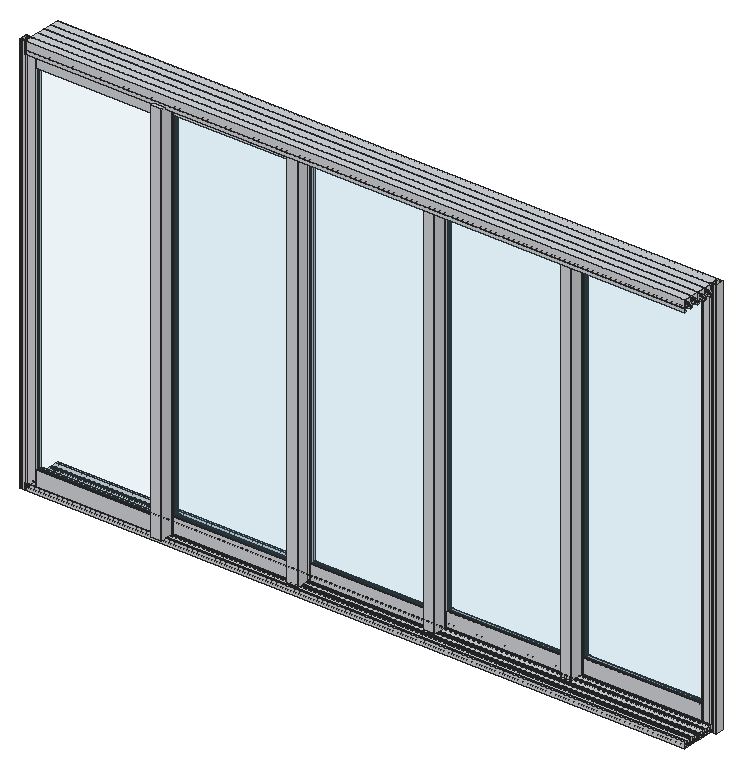
Revit family "MT-HB_SLIDING DOOR_XXXXX", category Doors, host Wall, Revit 2017 (continued)
Definition of nested family "HB_SLIDING_GLAZED PANEL_XX_TYPE 1"
  Dimensions and locks
    aligned and locked: plane 13 to Sweep 6 sketch curve
    aligned and locked: nested 1 to plane 8
    aligned and locked: nested 1 to plane 1 "Center (Front/Back)"
    aligned and locked: nested 1 to nested 2
    aligned and locked: nested 2 to plane 8
    aligned and locked: nested 3 to plane 8
    aligned and locked: nested 3 to plane 1 "Center (Front/Back)"
    aligned and locked: nested 4 to plane 8
    aligned and locked: nested 4 to plane 1 "Center (Front/Back)"
    aligned and locked: Masking region 1 sketch curve to Sweep 6  (x2)
    aligned and locked: Masking region 1 sketch curve to Sweep 3
    aligned and locked: Masking region 2 sketch curve to Sweep 3  (x3)
    aligned and locked: plane 15 to Extrusion 1
    aligned and locked: Extrusion 1 to plane 14
    aligned and locked: plane 9 to Masking region 2 sketch curve
    aligned and locked: Masking region 2 sketch curve to plane 10
    aligned and locked: nested 5 to plane 2
    aligned and locked: Extrusion 2 to Extrusion 1  (x2)
    aligned and locked: nested 6 to plane 2
    aligned and locked: nested 6 to plane 1 "Center (Front/Back)"
    aligned and locked: plane 4 to nested 7
    aligned and locked: plane 1 "Center (Front/Back)" to nested 7
    aligned and locked: plane 4 to nested 8
    aligned and locked: plane 1 "Center (Front/Back)" to nested 8
    aligned and locked: plane 5 to nested 9
    aligned and locked: nested 9 to plane 1 "Center (Front/Back)"
    aligned and locked: plane 5 to nested 10
    aligned and locked: nested 10 to plane 1 "Center (Front/Back)"
    aligned and locked: Masking region 1 to Sweep 9
  Automatic sketch dimensions
    Sweep 8 sketch curve to level = 0 mm
    Sweep 8 sketch curve to plane 4 = 0 mm
    Sweep 8 sketch curve to plane 8 = 0 mm
    Sweep 9 sketch curve to level = 0 mm
    Sweep 9 sketch curve to plane 5 = 0 mm
    Sweep 9 sketch curve to plane 8 = 0 mm
    plane 1 "Center (Front/Back)" to Masking region 1 sketch curve = 22.5 mm
    Masking region 1 sketch curve to plane 1 "Center (Front/Back)" = 22.5 mm  (x2)
    plane 1 "Center (Front/Back)" to Masking region 1 sketch curve = 62.5 mm
    Masking region 1 sketch curve to plane 5 = 0 mm
    Sweep 10 sketch curve to level = 0 mm
    Sweep 10 sketch curve to plane 5 = 0 mm
    Sweep 10 sketch curve to plane 8 = 0 mm
    plane 1 "Center (Front/Back)" to Masking region 2 sketch curve = 22.5 mm
    Masking region 2 sketch curve to plane 1 "Center (Front/Back)" = 22.5 mm  (x2)
  Nested families
    nested 1: "DETAIL_HB102_TOP RAIL_SGL" at (0, 0, 2890) x (0, 1, 0) z (1, 0, 0), visible <- "SINGLE GLAZED", type "DETAIL_HB102_TOP RAIL_SGL", detail levels fine
    nested 2: "DETAIL_HB12_GLAZING BEAD" at (0, 0, 2890) x (0, 1, 0) z (1, 0, 0), visible <- "SINGLE GLAZED", type "DETAIL_HB12_GLAZING BEAD", detail levels fine
    nested 3: "DETAIL_HB202_TOP RAIL - DBL" at (0, 0, 2890) x (0, 1, 0) z (1, 0, 0), visible <- "DOUBLE GLAZED", type "DETAIL_HB202_TOP RAIL - DBL", detail levels fine
    nested 4: "DETAIL_HB412_DBL_GLAZING BEAD" at (0, 0, 2890) x (0, 1, 0) z (1, 0, 0), visible <- "DOUBLE GLAZED", type "DETAIL_HB412_DBL_GLAZING BEAD", detail levels fine
    nested 5: "DETAIL_SGL_HB_BOTTOM RAIL" at (0, 0, 120.002) x (0, -1, 0) z (1, 0, 0), visible <- "SINGLE GLAZED", type "SGL_HB_BOTTOM RAIL", detail levels fine
    nested 6: "DETAIL_DBL_HB_BOTTOM RAIL" at (0, 0, 120.002) x (0, -1, 0) z (1, 0, 0), visible <- "DOUBLE GLAZED", type "DETAIL_HB17_TOP&BOTTOM RAIL", detail levels fine
    nested 7: "DETAIL_HB422_DBL_LOCK STILE" at (-522.7, 0, 0), visible <- "DOUBLE GLAZED", type "DETAIL_HB422_DBL_LOCK STILE", detail levels fine
    nested 8: "DETAIL_HB22_DBL_LOCK STILE" at (-522.7, 0, 0), visible <- "SINGLE GLAZED", type "DETAIL_HB22_DBL_LOCK STILE", detail levels fine
    nested 9: "DETAIL_HB107_SGL_MEDIUM INTERLOCK" at (522.7, 0, 0) x (-1, 0, 0) z (0, 0, 1), visible <- "SINGLE GLAZED", type "DETAIL_HB28_SGL_LOCK STILE", detail levels fine
    nested 10: "DETAIL_HB107_DBL_MEDIUM INTERLOCK" at (522.7, 0, 0) x (-1, 0, 0) z (0, 0, 1), visible <- "DOUBLE GLAZED", type "DETAIL_HB428_SGL_LOCK STILE", detail levels fine
  Definition of nested family "DETAIL_HB102_TOP RAIL_SGL"
    Reference planes
      plane 1 "Center (Front/Back)": y = 0
      plane 2: z = 0
      plane 3 "Center (Left/Right)": x = 0
      plane 4: x = -22.5
      plane 5: x = 22.5
    Lines and regions (mm)
      model lines, in view "Ref. Level"
        curve 1: arc (20.5, -77.499, 0) -> (20.354, -77.853, 0) -> (20, -77.999, 0) r 0.5
        curve 2: arc (15.428, -77.999, 0) -> (13.922, -77.315, 0) -> (13.446, -75.73, 0) r 2
        curve 3: arc (13.446, -75.73, 0) -> (13.462, -73.38, 0) -> (12.88, -71.103, 0) r 9.167
        curve 4: arc (12.88, -71.103, 0) -> (12.586, -70.737, 0) -> (12.137, -70.599, 0) r 0.8
        curve 5: arc (10.5, -70.599, 0) -> (10.359, -70.541, 0) -> (10.3, -70.399, 0) r 0.2
        curve 6: arc (10.3, -70.382, 0) -> (9.9, -69.982, 0) -> (9.5, -70.382, 0) r 0.4
        curve 7: arc (9.5, -72.494, 0) -> (9.9, -72.894, 0) -> (10.3, -72.494, 0) r 0.4
        curve 8: arc (11.434, -71.799, 0) -> (11.93, -74.499, 0) -> (11.43, -77.199, 0) r 7.567
        curve 9: arc (10.3, -76.494, 0) -> (9.9, -76.094, 0) -> (9.5, -76.494, 0) r 0.4
        curve 10: arc (9.5, -77.999, 0) -> (9.617, -78.282, 0) -> (9.9, -78.399, 0) r 0.4
        curve 11: arc (12.3, -78.399, 0) -> (12.583, -78.516, 0) -> (12.7, -78.799, 0) r 0.4
        curve 12: arc (12.7, -79.599, 0) -> (12.817, -79.882, 0) -> (13.1, -79.999, 0) r 0.4
        curve 13: arc (22.1, -79.999, 0) -> (22.383, -79.882, 0) -> (22.5, -79.599, 0) r 0.4
        curve 14: arc (22.5, -0.5, 0) -> (22.354, -0.146, 0) -> (22, 0, 0) r 0.5
        curve 15: arc (21, 0, 0) -> (20.646, -0.146, 0) -> (20.5, -0.5, 0) r 0.5
        curve 16: arc (20.5, -6.5, 0) -> (20.354, -6.853, 0) -> (20, -7, 0) r 0.5
        curve 17: arc (-20, -7, 0) -> (-20.354, -6.853, 0) -> (-20.5, -6.5, 0) r 0.5
        curve 18: arc (-20.5, -0.5, 0) -> (-20.646, -0.146, 0) -> (-21, 0, 0) r 0.5
        curve 19: arc (-22, 0, 0) -> (-22.354, -0.146, 0) -> (-22.5, -0.5, 0) r 0.5
        curve 20: arc (-22.5, -59.8, 0) -> (-22.441, -59.941, 0) -> (-22.3, -60, 0) r 0.2
        curve 21: arc (-19.454, -57.853, 0) -> (-19.345, -57.308, 0) -> (-19.807, -57, 0) r 0.5
        curve 22: arc (-20.511, -57, 0) -> (-20.652, -56.941, 0) -> (-20.711, -56.8, 0) r 0.2
        curve 23: arc (-20.711, -55.6, 0) -> (-20.623, -55.388, 0) -> (-20.411, -55.3, 0) r 0.3
        curve 24: arc (-4.606, -55.3, 0) -> (-4.253, -55.446, 0) -> (-4.106, -55.8, 0) r 0.5
        curve 25: arc (-4.106, -57.8, 0) -> (-4.253, -58.153, 0) -> (-4.606, -58.3, 0) r 0.5
        curve 26: arc (-5.371, -58.3, 0) -> (-5.562, -58.262, 0) -> (-5.725, -58.153, 0) r 0.5
        curve 27: arc (-6.187, -57.691, 0) -> (-6.328, -57.633, 0) -> (-6.47, -57.691, 0) r 0.2
        curve 28: arc (-6.823, -58.045, 0) -> (-6.931, -58.207, 0) -> (-6.97, -58.398, 0) r 0.5
        curve 29: arc (-6.97, -59.5, 0) -> (-6.823, -59.853, 0) -> (-6.47, -60, 0) r 0.5
        curve 30: arc (20, -60, 0) -> (20.354, -60.146, 0) -> (20.5, -60.5, 0) r 0.5
        curve 31: arc (7.177, -57.697, 0) -> (7.327, -57.737, 0) -> (7.437, -57.847, 0) r 0.3
        curve 32: arc (7.437, -57.847, 0) -> (7.546, -57.957, 0) -> (7.696, -57.997, 0) r 0.3
        curve 33: arc (13, -57.997, 0) -> (13.354, -57.85, 0) -> (13.5, -57.497, 0) r 0.5
        curve 34: arc (13.5, -53.8, 0) -> (13.646, -53.446, 0) -> (14, -53.3, 0) r 0.5
        curve 35: arc (15, -53.3, 0) -> (15.354, -53.446, 0) -> (15.5, -53.8, 0) r 0.5
        curve 36: arc (15.5, -57.497, 0) -> (15.646, -57.85, 0) -> (16, -57.997, 0) r 0.5
        curve 37: arc (20, -57.997, 0) -> (20.354, -57.85, 0) -> (20.5, -57.497, 0) r 0.5
        curve 38: arc (20.5, -45.452, 0) -> (20.464, -45.337, 0) -> (20.368, -45.264, 0) r 0.2
        curve 39: arc (19.097, -44.801, 0) -> (18.9, -44.519, 0) -> (19.097, -44.237, 0) r 0.3
        curve 40: arc (20.368, -43.775, 0) -> (20.464, -43.701, 0) -> (20.5, -43.587, 0) r 0.2
        curve 41: arc (20.5, -19.713, 0) -> (20.464, -19.598, 0) -> (20.368, -19.525, 0) r 0.2
        curve 42: arc (19.097, -19.062, 0) -> (18.9, -18.781, 0) -> (19.097, -18.499, 0) r 0.3
        curve 43: arc (20.368, -18.036, 0) -> (20.464, -17.963, 0) -> (20.5, -17.848, 0) r 0.2
        curve 44: arc (20.5, -10.5, 0) -> (20.354, -10.146, 0) -> (20, -10, 0) r 0.5
        curve 45: arc (-20, -10, 0) -> (-20.354, -10.146, 0) -> (-20.5, -10.5, 0) r 0.5
        curve 46: arc (-20.5, -17.848, 0) -> (-20.464, -17.963, 0) -> (-20.368, -18.036, 0) r 0.2
        curve 47: arc (-19.097, -18.499, 0) -> (-18.9, -18.781, 0) -> (-19.097, -19.062, 0) r 0.3
        curve 48: arc (-20.368, -19.525, 0) -> (-20.464, -19.598, 0) -> (-20.5, -19.713, 0) r 0.2
        curve 49: arc (-20.5, -43.587, 0) -> (-20.464, -43.701, 0) -> (-20.368, -43.775, 0) r 0.2
        curve 50: arc (-19.097, -44.237, 0) -> (-18.9, -44.519, 0) -> (-19.097, -44.801, 0) r 0.3
        curve 51: arc (-20.368, -45.264, 0) -> (-20.464, -45.337, 0) -> (-20.5, -45.452, 0) r 0.2
        curve 52: arc (-20.5, -52.8, 0) -> (-20.354, -53.153, 0) -> (-20, -53.3, 0) r 0.5
        curve 53: arc (-4.606, -53.3, 0) -> (-2.839, -54.032, 0) -> (-2.106, -55.8, 0) r 2.5
        curve 54: arc (-2.106, -57.497, 0) -> (-1.96, -57.85, 0) -> (-1.606, -57.997, 0) r 0.5
        curve 55: arc (3.697, -57.997, 0) -> (3.847, -58.037, 0) -> (3.957, -58.147, 0) r 0.3
        curve 56: arc (3.957, -58.147, 0) -> (4.066, -58.257, 0) -> (4.216, -58.297, 0) r 0.3
        curve 57: arc (5.397, -58.297, 0) -> (5.609, -58.209, 0) -> (5.697, -57.997, 0) r 0.3
        curve 58: arc (5.697, -57.997, 0) -> (5.785, -57.785, 0) -> (5.997, -57.697, 0) r 0.3
        curve 59: line (20.5, -60.5, 0) -> (20.5, -77.499, 0)
        curve 60: line (20, -77.999, 0) -> (15.428, -77.999, 0)
        curve 61: line (12.137, -70.599, 0) -> (10.5, -70.599, 0)
        curve 62: line (9.5, -70.382, 0) -> (9.5, -72.494, 0)
        curve 63: line (10.3, -72.494, 0) -> (10.3, -71.799, 0)
        curve 64: line (10.3, -71.799, 0) -> (11.434, -71.799, 0)
        curve 65: line (11.43, -77.199, 0) -> (10.3, -77.199, 0)
        curve 66: line (10.3, -77.199, 0) -> (10.3, -76.494, 0)
        curve 67: line (9.5, -76.494, 0) -> (9.5, -77.999, 0)
        curve 68: line (9.9, -78.399, 0) -> (12.3, -78.399, 0)
        curve 69: line (12.7, -78.799, 0) -> (12.7, -79.599, 0)
        curve 70: line (13.1, -79.999, 0) -> (22.1, -79.999, 0)
        curve 71: line (22.5, -79.599, 0) -> (22.5, -0.5, 0)
        curve 72: line (22, 0, 0) -> (21, 0, 0)
        curve 73: line (20.5, -0.5, 0) -> (20.5, -6.5, 0)
        curve 74: line (20, -7, 0) -> (13.55, -7, 0)
        curve 75: line (13.55, -7, 0) -> (13.25, -7.3, 0)
        curve 76: line (13.25, -7.3, 0) -> (12.95, -7, 0)
        curve 77: line (12.95, -7, 0) -> (-12.95, -7, 0)
        curve 78: line (-12.95, -7, 0) -> (-13.25, -7.3, 0)
        curve 79: line (-13.25, -7.3, 0) -> (-13.55, -7, 0)
        curve 80: line (-13.55, -7, 0) -> (-20, -7, 0)
        curve 81: line (-20.5, -6.5, 0) -> (-20.5, -0.5, 0)
        curve 82: line (-21, 0, 0) -> (-22, 0, 0)
        curve 83: line (-22.5, -0.5, 0) -> (-22.5, -59.8, 0)
        curve 84: line (-22.3, -60, 0) -> (-21.683, -60, 0)
        curve 85: line (-21.683, -60, 0) -> (-19.454, -57.853, 0)
        curve 86: line (-19.807, -57, 0) -> (-20.511, -57, 0)
        curve 87: line (-20.711, -56.8, 0) -> (-20.711, -55.6, 0)
        curve 88: line (-20.411, -55.3, 0) -> (-13.55, -55.3, 0)
        curve 89: line (-13.55, -55.3, 0) -> (-13.25, -55, 0)
        curve 90: line (-13.25, -55, 0) -> (-12.95, -55.3, 0)
        curve 91: line (-12.95, -55.3, 0) -> (-4.606, -55.3, 0)
        curve 92: line (-4.106, -55.8, 0) -> (-4.106, -57.8, 0)
        curve 93: line (-4.606, -58.3, 0) -> (-5.371, -58.3, 0)
        curve 94: line (-5.725, -58.153, 0) -> (-6.187, -57.691, 0)
        curve 95: line (-6.47, -57.691, 0) -> (-6.823, -58.045, 0)
        curve 96: line (-6.97, -58.398, 0) -> (-6.97, -59.5, 0)
        curve 97: line (-6.47, -60, 0) -> (20, -60, 0)
        curve 98: line (7.696, -57.997, 0) -> (13, -57.997, 0)
        curve 99: line (13.5, -57.497, 0) -> (13.5, -53.8, 0)
        curve 100: line (14, -53.3, 0) -> (15, -53.3, 0)
        curve 101: line (15.5, -53.8, 0) -> (15.5, -57.497, 0)
        curve 102: line (16, -57.997, 0) -> (20, -57.997, 0)
        curve 103: line (20.5, -57.497, 0) -> (20.5, -45.452, 0)
        curve 104: line (20.368, -45.264, 0) -> (19.097, -44.801, 0)
        curve 105: line (19.097, -44.237, 0) -> (20.368, -43.775, 0)
        curve 106: line (20.5, -43.587, 0) -> (20.5, -19.713, 0)
        curve 107: line (20.368, -19.525, 0) -> (19.097, -19.062, 0)
        curve 108: line (19.097, -18.499, 0) -> (20.368, -18.036, 0)
        curve 109: line (20.5, -17.848, 0) -> (20.5, -10.5, 0)
        curve 110: line (20, -10, 0) -> (-20, -10, 0)
        curve 111: line (-20.5, -10.5, 0) -> (-20.5, -17.848, 0)
        curve 112: line (-20.368, -18.036, 0) -> (-19.097, -18.499, 0)
        curve 113: line (-19.097, -19.062, 0) -> (-20.368, -19.525, 0)
        curve 114: line (-20.5, -19.713, 0) -> (-20.5, -43.587, 0)
        curve 115: line (-20.368, -43.775, 0) -> (-19.097, -44.237, 0)
        curve 116: line (-19.097, -44.801, 0) -> (-20.368, -45.264, 0)
        curve 117: line (-20.5, -45.452, 0) -> (-20.5, -52.8, 0)
        curve 118: line (-20, -53.3, 0) -> (-4.606, -53.3, 0)
        curve 119: line (-2.106, -55.8, 0) -> (-2.106, -57.497, 0)
        curve 120: line (-1.606, -57.997, 0) -> (3.697, -57.997, 0)
        curve 121: line (4.216, -58.297, 0) -> (5.397, -58.297, 0)
        curve 122: line (5.997, -57.697, 0) -> (7.177, -57.697, 0)
    Dimensions and locks
      plane 4 to plane 3 "Center (Left/Right)" = 22.5 mm
  Definition of nested family "DETAIL_HB12_GLAZING BEAD"
    Reference planes
      plane 1 "Center (Front/Back)": y = 0
      plane 2: z = 0
      plane 3 "Center (Left/Right)": x = 0
      plane 4: x = -22.5
    Lines and regions (mm)
      model lines, in view "Ref. Level"
        curve 1: arc (-19.607, -55.582, 0) -> (-19.825, -55.767, 0) -> (-19.907, -56.041, 0) r 0.5
        curve 2: arc (-19.907, -56.333, 0) -> (-19.84, -56.583, 0) -> (-19.657, -56.766, 0) r 0.5
        curve 3: arc (-19.657, -56.766, 0) -> (-19.474, -56.949, 0) -> (-19.407, -57.199, 0) r 0.5
        curve 4: arc (-19.407, -57.98, 0) -> (-19.483, -58.363, 0) -> (-19.7, -58.688, 0) r 1
        curve 5: arc (-20.819, -59.807, 0) -> (-21.144, -60.024, 0) -> (-21.527, -60.1, 0) r 1
        curve 6: arc (-22.3, -60.1, 0) -> (-22.443, -60.16, 0) -> (-22.5, -60.303, 0) r 0.2
        curve 7: arc (-22.165, -79.508, 0) -> (-22.015, -79.856, 0) -> (-21.665, -79.999, 0) r 0.5
        curve 8: arc (-13.1, -79.999, 0) -> (-12.817, -79.882, 0) -> (-12.7, -79.599, 0) r 0.4
        curve 9: arc (-12.7, -78.809, 0) -> (-12.583, -78.526, 0) -> (-12.3, -78.409, 0) r 0.4
        curve 10: arc (-9.9, -78.409, 0) -> (-9.617, -78.292, 0) -> (-9.5, -78.009, 0) r 0.4
        curve 11: arc (-9.5, -76.504, 0) -> (-9.9, -76.104, 0) -> (-10.3, -76.504, 0) r 0.4
        curve 12: arc (-11.43, -77.209, 0) -> (-11.93, -74.509, 0) -> (-11.434, -71.809, 0) r 7.567
        curve 13: arc (-10.3, -72.504, 0) -> (-9.9, -72.904, 0) -> (-9.5, -72.504, 0) r 0.4
        curve 14: arc (-9.5, -70.392, 0) -> (-9.876, -69.993, 0) -> (-10.297, -70.345, 0) r 0.4
        curve 15: arc (-10.297, -70.345, 0) -> (-10.396, -70.534, 0) -> (-10.595, -70.609, 0) r 0.3
        curve 16: arc (-11.215, -70.609, 0) -> (-11.428, -70.521, 0) -> (-11.515, -70.309, 0) r 0.3
        curve 17: arc (-11.515, -65.838, 0) -> (-11.287, -64.69, 0) -> (-10.637, -63.717, 0) r 3
        curve 18: arc (-7.848, -60.929, 0) -> (-7.198, -59.955, 0) -> (-6.97, -58.807, 0) r 3
        curve 19: arc (-6.97, -57.585, 0) -> (-6.661, -57.123, 0) -> (-6.116, -57.232, 0) r 0.5
        curve 20: arc (-5.341, -58.007, 0) -> (-4.634, -58.007, 0) -> (-4.634, -57.3, 0) r 0.5
        curve 21: arc (-5.444, -56.489, 0) -> (-5.931, -56.164, 0) -> (-6.505, -56.05, 0) r 1.5
        curve 22: arc (-9.964, -55.8, 0) -> (-10.111, -55.446, 0) -> (-10.464, -55.3, 0) r 0.5
        curve 23: arc (-10.464, -55.3, 0) -> (-10.818, -55.446, 0) -> (-10.964, -55.8, 0) r 0.5
        curve 24: arc (-10.964, -56.75, 0) -> (-10.818, -57.103, 0) -> (-10.464, -57.25, 0) r 0.5
        curve 25: arc (-8.67, -57.25, 0) -> (-8.316, -57.396, 0) -> (-8.17, -57.75, 0) r 0.5
        curve 26: arc (-8.17, -58.807, 0) -> (-8.307, -59.496, 0) -> (-8.697, -60.08, 0) r 1.8
        curve 27: arc (-11.485, -62.869, 0) -> (-12.396, -64.231, 0) -> (-12.715, -65.838, 0) r 4.2
        curve 28: arc (-12.741, -70.784, 0) -> (-13.44, -73.226, 0) -> (-13.443, -75.765, 0) r 9.167
        curve 29: arc (-13.443, -75.765, 0) -> (-14.032, -77.749, 0) -> (-15.919, -78.599, 0) r 2.486
        curve 30: arc (-20.489, -78.599, 0) -> (-20.839, -78.456, 0) -> (-20.989, -78.108, 0) r 0.5
        curve 31: arc (-21.261, -62.519, 0) -> (-21.188, -62.127, 0) -> (-20.968, -61.794, 0) r 1
        curve 32: arc (-18.5, -59.326, 0) -> (-18.284, -59.002, 0) -> (-18.208, -58.619, 0) r 1
        curve 33: line (-19.907, -56.041, 0) -> (-19.907, -56.333, 0)
        curve 34: line (-19.407, -57.199, 0) -> (-19.407, -57.98, 0)
        curve 35: line (-19.7, -58.688, 0) -> (-20.819, -59.807, 0)
        curve 36: line (-21.527, -60.1, 0) -> (-22.3, -60.1, 0)
        curve 37: line (-22.5, -60.303, 0) -> (-22.165, -79.508, 0)
        curve 38: line (-21.665, -79.999, 0) -> (-13.1, -79.999, 0)
        curve 39: line (-12.7, -79.599, 0) -> (-12.7, -78.809, 0)
        curve 40: line (-12.3, -78.409, 0) -> (-9.9, -78.409, 0)
        curve 41: line (-9.5, -78.009, 0) -> (-9.5, -76.504, 0)
        curve 42: line (-10.3, -76.504, 0) -> (-10.3, -77.209, 0)
        curve 43: line (-10.3, -77.209, 0) -> (-11.43, -77.209, 0)
        curve 44: line (-11.434, -71.809, 0) -> (-10.3, -71.809, 0)
        curve 45: line (-10.3, -71.809, 0) -> (-10.3, -72.504, 0)
        curve 46: line (-9.5, -72.504, 0) -> (-9.5, -70.392, 0)
        curve 47: line (-10.595, -70.609, 0) -> (-11.215, -70.609, 0)
        curve 48: line (-11.515, -70.309, 0) -> (-11.515, -65.838, 0)
        curve 49: line (-10.637, -63.717, 0) -> (-7.848, -60.929, 0)
        curve 50: line (-6.97, -58.807, 0) -> (-6.97, -57.585, 0)
        curve 51: line (-6.116, -57.232, 0) -> (-5.341, -58.007, 0)
        curve 52: line (-4.634, -57.3, 0) -> (-5.444, -56.489, 0)
        curve 53: line (-6.505, -56.05, 0) -> (-9.964, -56.05, 0)
        curve 54: line (-9.964, -56.05, 0) -> (-9.964, -55.8, 0)
        curve 55: line (-10.964, -55.8, 0) -> (-10.964, -56.75, 0)
        curve 56: line (-10.464, -57.25, 0) -> (-8.67, -57.25, 0)
        curve 57: line (-8.17, -57.75, 0) -> (-8.17, -58.807, 0)
        curve 58: line (-8.697, -60.08, 0) -> (-11.485, -62.869, 0)
        curve 59: line (-12.715, -65.838, 0) -> (-12.715, -70.662, 0)
        curve 60: line (-15.919, -78.599, 0) -> (-20.489, -78.599, 0)
        curve 61: line (-20.989, -78.108, 0) -> (-21.261, -62.519, 0)
        curve 62: line (-20.968, -61.794, 0) -> (-18.5, -59.326, 0)
        curve 63: line (-18.208, -58.619, 0) -> (-18.208, -56.499, 0)
        curve 64: arc (-18.208, -56.499, 0) -> (-18.66, -55.663, 0) -> (-19.607, -55.582, 0) r 1
  Definition of nested family "DETAIL_HB202_TOP RAIL - DBL"
    Reference planes
      plane 1 "Center (Front/Back)": y = 0
      plane 2: z = 0
      plane 3 "Center (Left/Right)": x = 0
      plane 4: x = -22.5
      plane 5: x = 22.5
    Lines and regions (mm)
      model lines, in view "Ref. Level"
        curve 1: arc (20.5, -6.5, 0) -> (20.354, -6.854, 0) -> (20, -7, 0) r 0.5
        curve 2: arc (-20, -7, 0) -> (-20.354, -6.854, 0) -> (-20.5, -6.5, 0) r 0.5
        curve 3: arc (-20.5, -0.5, 0) -> (-20.646, -0.146, 0) -> (-21, 0, 0) r 0.5
        curve 4: arc (-22, 0, 0) -> (-22.354, -0.146, 0) -> (-22.5, -0.5, 0) r 0.5
        curve 5: arc (-22.5, -59.3, 0) -> (-22.441, -59.441, 0) -> (-22.3, -59.5, 0) r 0.2
        curve 6: arc (-19.454, -57.354, 0) -> (-19.345, -56.809, 0) -> (-19.807, -56.5, 0) r 0.5
        curve 7: arc (-20.3, -56.5, 0) -> (-20.441, -56.441, 0) -> (-20.5, -56.3, 0) r 0.2
        curve 8: arc (-20.5, -55.1, 0) -> (-20.412, -54.888, 0) -> (-20.2, -54.8, 0) r 0.3
        curve 9: arc (-4.606, -54.8, 0) -> (-4.253, -54.946, 0) -> (-4.106, -55.3, 0) r 0.5
        curve 10: arc (-4.106, -57.3, 0) -> (-4.253, -57.654, 0) -> (-4.606, -57.8, 0) r 0.5
        curve 11: arc (-5.371, -57.8, 0) -> (-5.562, -57.762, 0) -> (-5.725, -57.654, 0) r 0.5
        curve 12: arc (-6.187, -57.191, 0) -> (-6.328, -57.133, 0) -> (-6.47, -57.191, 0) r 0.2
        curve 13: arc (-6.823, -57.545, 0) -> (-6.931, -57.707, 0) -> (-6.97, -57.899, 0) r 0.5
        curve 14: arc (-6.97, -59, 0) -> (-6.842, -59.334, 0) -> (-6.524, -59.497, 0) r 0.5
        curve 15: arc (20, -59.497, 0) -> (20.354, -59.644, 0) -> (20.5, -59.997, 0) r 0.5
        curve 16: arc (20.5, -70.884, 0) -> (20.302, -71.283, 0) -> (19.864, -71.365, 0) r 0.5
        curve 17: arc (19.864, -71.365, 0) -> (19.697, -71.327, 0) -> (19.528, -71.305, 0) r 1.7
        curve 18: arc (19.528, -71.305, 0) -> (19.264, -71.205, 0) -> (19.097, -70.979, 0) r 0.5
        curve 19: arc (19.097, -70.979, 0) -> (18.947, -70.597, 0) -> (18.779, -70.223, 0) r 8.767
        curve 20: arc (18.779, -70.223, 0) -> (18.706, -70.14, 0) -> (18.599, -70.109, 0) r 0.2
        curve 21: arc (17.197, -70.109, 0) -> (16.998, -70.034, 0) -> (16.9, -69.845, 0) r 0.3
        curve 22: arc (16.9, -69.845, 0) -> (16.479, -69.493, 0) -> (16.102, -69.893, 0) r 0.4
        curve 23: arc (16.102, -71.978, 0) -> (16.489, -72.404, 0) -> (16.902, -72.004, 0) r 0.4
        curve 24: arc (18.036, -71.3, 0) -> (18.211, -71.816, 0) -> (18.349, -72.344, 0) r 7.567
        curve 25: arc (18.349, -72.344, 0) -> (18.419, -72.456, 0) -> (18.544, -72.5, 0) r 0.2
        curve 26: arc (19.5, -72.5, 0) -> (19.854, -72.647, 0) -> (20, -73, 0) r 0.5
        curve 27: arc (20, -75, 0) -> (19.854, -75.354, 0) -> (19.5, -75.5, 0) r 0.5
        curve 28: arc (18.548, -75.5, 0) -> (18.419, -75.542, 0) -> (18.346, -75.656, 0) r 0.2
        curve 29: arc (18.346, -75.656, 0) -> (18.206, -76.184, 0) -> (18.03, -76.7, 0) r 7.567
        curve 30: arc (16.9, -76.01, 0) -> (16.508, -75.594, 0) -> (16.1, -75.994, 0) r 0.4
        curve 31: arc (16.1, -77.499, 0) -> (16.217, -77.782, 0) -> (16.5, -77.899, 0) r 0.4
        curve 32: arc (18.8, -77.899, 0) -> (19.154, -78.046, 0) -> (19.3, -78.399, 0) r 0.5
        curve 33: arc (19.3, -79.099, 0) -> (19.417, -79.382, 0) -> (19.7, -79.499, 0) r 0.4
        curve 34: arc (22.1, -79.499, 0) -> (22.383, -79.382, 0) -> (22.5, -79.099, 0) r 0.4
        curve 35: arc (22.5, -0.5, 0) -> (22.354, -0.146, 0) -> (22, 0, 0) r 0.5
        curve 36: arc (21, 0, 0) -> (20.646, -0.146, 0) -> (20.5, -0.5, 0) r 0.5
        curve 37: arc (13.5, -53.3, 0) -> (13.646, -52.946, 0) -> (14, -52.8, 0) r 0.5
        curve 38: arc (15, -52.8, 0) -> (15.354, -52.946, 0) -> (15.5, -53.3, 0) r 0.5
        curve 39: arc (15.5, -56.997, 0) -> (15.646, -57.351, 0) -> (16, -57.497, 0) r 0.5
        curve 40: arc (20, -57.497, 0) -> (20.354, -57.351, 0) -> (20.5, -56.997, 0) r 0.5
        curve 41: arc (20.5, -44.952, 0) -> (20.464, -44.837, 0) -> (20.368, -44.764, 0) r 0.2
        curve 42: arc (19.097, -44.301, 0) -> (18.9, -44.019, 0) -> (19.097, -43.737, 0) r 0.3
        curve 43: arc (20.368, -43.275, 0) -> (20.464, -43.202, 0) -> (20.5, -43.087, 0) r 0.2
        curve 44: arc (20.5, -19.213, 0) -> (20.464, -19.098, 0) -> (20.368, -19.025, 0) r 0.2
        curve 45: arc (19.097, -18.563, 0) -> (18.9, -18.281, 0) -> (19.097, -17.999, 0) r 0.3
        curve 46: arc (20.368, -17.536, 0) -> (20.464, -17.463, 0) -> (20.5, -17.348, 0) r 0.2
        curve 47: arc (20.5, -10, 0) -> (20.354, -9.646, 0) -> (20, -9.5, 0) r 0.5
        curve 48: arc (-20, -9.5, 0) -> (-20.354, -9.646, 0) -> (-20.5, -10, 0) r 0.5
        curve 49: arc (-20.5, -17.348, 0) -> (-20.464, -17.463, 0) -> (-20.368, -17.536, 0) r 0.2
        curve 50: arc (-19.097, -17.999, 0) -> (-18.9, -18.281, 0) -> (-19.097, -18.563, 0) r 0.3
        curve 51: arc (-20.368, -19.025, 0) -> (-20.464, -19.098, 0) -> (-20.5, -19.213, 0) r 0.2
        curve 52: arc (-20.5, -43.087, 0) -> (-20.464, -43.202, 0) -> (-20.368, -43.275, 0) r 0.2
        curve 53: arc (-19.097, -43.737, 0) -> (-18.9, -44.019, 0) -> (-19.097, -44.301, 0) r 0.3
        curve 54: arc (-20.368, -44.764, 0) -> (-20.464, -44.837, 0) -> (-20.5, -44.952, 0) r 0.2
        curve 55: arc (-20.5, -52.3, 0) -> (-20.354, -52.654, 0) -> (-20, -52.8, 0) r 0.5
        curve 56: arc (-4.606, -52.8, 0) -> (-2.839, -53.532, 0) -> (-2.106, -55.3, 0) r 2.5
        curve 57: arc (-2.106, -56.997, 0) -> (-1.96, -57.351, 0) -> (-1.606, -57.497, 0) r 0.5
        curve 58: line (20.5, -0.5, 0) -> (20.5, -6.5, 0)
        curve 59: line (20, -7, 0) -> (13.75, -7, 0)
        curve 60: line (13.75, -7, 0) -> (13.25, -7.5, 0)
        curve 61: line (13.25, -7.5, 0) -> (12.75, -7, 0)
        curve 62: line (12.75, -7, 0) -> (-12.75, -7, 0)
        curve 63: line (-12.75, -7, 0) -> (-13.25, -7.5, 0)
        curve 64: line (-13.25, -7.5, 0) -> (-13.75, -7, 0)
        curve 65: line (-13.75, -7, 0) -> (-20, -7, 0)
        curve 66: line (-20.5, -6.5, 0) -> (-20.5, -0.5, 0)
        curve 67: line (-21, 0, 0) -> (-22, 0, 0)
        curve 68: line (-22.5, -0.5, 0) -> (-22.5, -59.3, 0)
        curve 69: line (-22.3, -59.5, 0) -> (-21.683, -59.5, 0)
        curve 70: line (-21.683, -59.5, 0) -> (-19.454, -57.354, 0)
        curve 71: line (-19.807, -56.5, 0) -> (-20.3, -56.5, 0)
        curve 72: line (-20.5, -56.3, 0) -> (-20.5, -55.1, 0)
        curve 73: line (-20.2, -54.8, 0) -> (-13.75, -54.8, 0)
        curve 74: line (-13.75, -54.8, 0) -> (-13.25, -54.3, 0)
        curve 75: line (-13.25, -54.3, 0) -> (-12.75, -54.8, 0)
        curve 76: line (-12.75, -54.8, 0) -> (-4.606, -54.8, 0)
        curve 77: line (-4.106, -55.3, 0) -> (-4.106, -57.3, 0)
        curve 78: line (-4.606, -57.8, 0) -> (-5.371, -57.8, 0)
        curve 79: line (-5.725, -57.654, 0) -> (-6.187, -57.191, 0)
        curve 80: line (-6.47, -57.191, 0) -> (-6.823, -57.545, 0)
        curve 81: line (-6.97, -57.899, 0) -> (-6.97, -59, 0)
        curve 82: line (-6.524, -59.497, 0) -> (20, -59.497, 0)
        curve 83: line (20.5, -59.997, 0) -> (20.5, -70.884, 0)
        curve 84: line (18.599, -70.109, 0) -> (17.197, -70.109, 0)
        curve 85: line (16.102, -69.893, 0) -> (16.102, -71.978, 0)
        curve 86: line (16.902, -72.004, 0) -> (16.902, -71.3, 0)
        curve 87: line (16.902, -71.3, 0) -> (18.036, -71.3, 0)
        curve 88: line (18.544, -72.5, 0) -> (19.5, -72.5, 0)
        curve 89: line (20, -73, 0) -> (20, -75, 0)
        curve 90: line (19.5, -75.5, 0) -> (18.548, -75.5, 0)
        curve 91: line (18.03, -76.7, 0) -> (16.9, -76.7, 0)
        curve 92: line (16.9, -76.7, 0) -> (16.9, -76.01, 0)
        curve 93: line (16.1, -75.994, 0) -> (16.1, -77.499, 0)
        curve 94: line (16.5, -77.899, 0) -> (18.8, -77.899, 0)
        curve 95: line (19.3, -78.399, 0) -> (19.3, -79.099, 0)
        curve 96: line (19.7, -79.499, 0) -> (22.1, -79.499, 0)
        curve 97: line (22.5, -79.099, 0) -> (22.5, -0.5, 0)
        curve 98: line (22, 0, 0) -> (21, 0, 0)
        curve 99: line (13.5, -56.997, 0) -> (13.5, -53.3, 0)
        curve 100: line (14, -52.8, 0) -> (15, -52.8, 0)
        curve 101: line (15.5, -53.3, 0) -> (15.5, -56.997, 0)
        curve 102: line (16, -57.497, 0) -> (20, -57.497, 0)
        curve 103: line (20.5, -56.997, 0) -> (20.5, -44.952, 0)
        curve 104: line (20.368, -44.764, 0) -> (19.097, -44.301, 0)
        curve 105: line (19.097, -43.737, 0) -> (20.368, -43.275, 0)
        curve 106: line (20.5, -43.087, 0) -> (20.5, -19.213, 0)
        curve 107: line (20.368, -19.025, 0) -> (19.097, -18.563, 0)
        curve 108: line (19.097, -17.999, 0) -> (20.368, -17.536, 0)
        curve 109: line (20.5, -17.348, 0) -> (20.5, -10, 0)
        curve 110: line (20, -9.5, 0) -> (-20, -9.5, 0)
        curve 111: line (-20.5, -10, 0) -> (-20.5, -17.348, 0)
        curve 112: line (-20.368, -17.536, 0) -> (-19.097, -17.999, 0)
        curve 113: line (-19.097, -18.563, 0) -> (-20.368, -19.025, 0)
        curve 114: line (-20.5, -19.213, 0) -> (-20.5, -43.087, 0)
        curve 115: line (-20.368, -43.275, 0) -> (-19.097, -43.737, 0)
        curve 116: line (-19.097, -44.301, 0) -> (-20.368, -44.764, 0)
        curve 117: line (-20.5, -44.952, 0) -> (-20.5, -52.3, 0)
        curve 118: line (-20, -52.8, 0) -> (-4.606, -52.8, 0)
        curve 119: line (-2.106, -55.3, 0) -> (-2.106, -56.997, 0)
        curve 120: line (-1.606, -57.497, 0) -> (13, -57.497, 0)
        curve 121: arc (13, -57.497, 0) -> (13.354, -57.351, 0) -> (13.5, -56.997, 0) r 0.5
  Definition of nested family "DETAIL_HB412_DBL_GLAZING BEAD"
    Reference planes
      plane 1 "Center (Front/Back)": y = 0
      plane 2: z = 0
      plane 3 "Center (Left/Right)": x = 0
      plane 4: x = -22.5
    Lines and regions (mm)
      model lines, in view "Ref. Level"
        curve 1: arc (-16.905, -69.83, 0) -> (-16.484, -69.478, 0) -> (-16.108, -69.878, 0) r 0.4
        curve 2: arc (-16.108, -71.963, 0) -> (-16.494, -72.389, 0) -> (-16.907, -71.989, 0) r 0.4
        curve 3: arc (-18.041, -71.285, 0) -> (-18.217, -71.801, 0) -> (-18.355, -72.329, 0) r 7.567
        curve 4: arc (-18.355, -72.329, 0) -> (-18.425, -72.441, 0) -> (-18.55, -72.485, 0) r 0.2
        curve 5: arc (-19.506, -72.485, 0) -> (-19.859, -72.632, 0) -> (-20.005, -72.985, 0) r 0.5
        curve 6: arc (-20.005, -74.985, 0) -> (-19.859, -75.339, 0) -> (-19.505, -75.485, 0) r 0.5
        curve 7: arc (-18.554, -75.485, 0) -> (-18.424, -75.527, 0) -> (-18.351, -75.641, 0) r 0.2
        curve 8: arc (-18.351, -75.641, 0) -> (-18.212, -76.169, 0) -> (-18.035, -76.685, 0) r 7.567
        curve 9: arc (-16.905, -75.994, 0) -> (-16.513, -75.579, 0) -> (-16.105, -75.979, 0) r 0.4
        curve 10: arc (-16.105, -77.484, 0) -> (-16.223, -77.767, 0) -> (-16.505, -77.884, 0) r 0.4
        curve 11: arc (-18.805, -77.884, 0) -> (-19.159, -78.031, 0) -> (-19.305, -78.384, 0) r 0.5
        curve 12: arc (-19.305, -79.084, 0) -> (-19.423, -79.367, 0) -> (-19.705, -79.484, 0) r 0.4
        curve 13: arc (-21.655, -79.484, 0) -> (-22.006, -79.341, 0) -> (-22.155, -78.993, 0) r 0.5
        curve 14: arc (-22.5, -59.688, 0) -> (-22.443, -59.545, 0) -> (-22.3, -59.485, 0) r 0.2
        curve 15: arc (-19.458, -57.62, 0) -> (-19.35, -57.458, 0) -> (-19.312, -57.267, 0) r 0.5
        curve 16: arc (-19.312, -56.752, 0) -> (-19.334, -56.605, 0) -> (-19.398, -56.471, 0) r 0.5
        curve 17: arc (-19.398, -56.471, 0) -> (-19.445, -55.878, 0) -> (-18.958, -55.536, 0) r 0.6
        curve 18: arc (-18.338, -55.536, 0) -> (-18.212, -55.491, 0) -> (-18.143, -55.377, 0) r 0.2
        curve 19: arc (-18.143, -55.377, 0) -> (-17.403, -54.778, 0) -> (-16.662, -55.377, 0) r 0.757
        curve 20: arc (-16.662, -55.377, 0) -> (-16.592, -55.49, 0) -> (-16.466, -55.535, 0) r 0.2
        curve 21: arc (-5.92, -55.535, 0) -> (-5.144, -55.784, 0) -> (-4.812, -56.529, 0) r 1
        curve 22: arc (-4.812, -56.828, 0) -> (-4.871, -56.969, 0) -> (-5.012, -57.028, 0) r 0.2
        curve 23: arc (-17.016, -57.033, 0) -> (-17.359, -57.169, 0) -> (-17.515, -57.504, 0) r 0.5
        curve 24: arc (-17.515, -57.504, 0) -> (-17.686, -58.208, 0) -> (-18.097, -58.804, 0) r 2
        curve 25: arc (-20.708, -61.418, 0) -> (-20.752, -61.484, 0) -> (-20.766, -61.563, 0) r 0.2
        curve 26: arc (-20.6, -70.876, 0) -> (-20.398, -71.268, 0) -> (-19.965, -71.349, 0) r 0.5
        curve 27: arc (-19.965, -71.349, 0) -> (-19.801, -71.311, 0) -> (-19.634, -71.29, 0) r 1.7
        curve 28: arc (-19.634, -71.29, 0) -> (-19.37, -71.19, 0) -> (-19.202, -70.963, 0) r 0.5
        curve 29: arc (-19.202, -70.963, 0) -> (-19.052, -70.582, 0) -> (-18.885, -70.208, 0) r 8.767
        curve 30: arc (-18.885, -70.208, 0) -> (-18.811, -70.125, 0) -> (-18.704, -70.094, 0) r 0.2
        curve 31: line (-16.108, -69.878, 0) -> (-16.108, -71.963, 0)
        curve 32: line (-16.907, -71.989, 0) -> (-16.907, -71.285, 0)
        curve 33: line (-16.907, -71.285, 0) -> (-18.041, -71.285, 0)
        curve 34: line (-18.55, -72.485, 0) -> (-19.506, -72.485, 0)
        curve 35: line (-20.005, -72.985, 0) -> (-20.005, -74.985, 0)
        curve 36: line (-19.505, -75.485, 0) -> (-18.554, -75.485, 0)
        curve 37: line (-18.035, -76.685, 0) -> (-16.905, -76.685, 0)
        curve 38: line (-16.905, -76.685, 0) -> (-16.905, -75.994, 0)
        curve 39: line (-16.105, -75.979, 0) -> (-16.105, -77.484, 0)
        curve 40: line (-16.505, -77.884, 0) -> (-18.805, -77.884, 0)
        curve 41: line (-19.305, -78.384, 0) -> (-19.305, -79.084, 0)
        curve 42: line (-19.705, -79.484, 0) -> (-21.655, -79.484, 0)
        curve 43: line (-22.155, -78.993, 0) -> (-22.5, -59.688, 0)
        curve 44: line (-22.3, -59.485, 0) -> (-21.404, -59.485, 0)
        curve 45: line (-21.404, -59.485, 0) -> (-19.458, -57.62, 0)
        curve 46: line (-19.312, -57.267, 0) -> (-19.312, -56.752, 0)
        curve 47: line (-18.958, -55.536, 0) -> (-18.338, -55.536, 0)
        curve 48: line (-16.466, -55.535, 0) -> (-5.92, -55.535, 0)
        curve 49: line (-4.812, -56.529, 0) -> (-4.812, -56.828, 0)
        curve 50: line (-5.012, -57.028, 0) -> (-16.916, -57.028, 0)
        curve 51: line (-18.097, -58.804, 0) -> (-20.708, -61.418, 0)
        curve 52: line (-20.708, -61.418, 0) -> (-20.6, -70.876, 0)
        curve 53: line (-18.704, -70.094, 0) -> (-17.203, -70.094, 0)
        curve 54: arc (-17.203, -70.094, 0) -> (-17.004, -70.019, 0) -> (-16.905, -69.83, 0) r 0.3
  Definition of nested family "DETAIL_SGL_HB_BOTTOM RAIL"
    Reference planes
      plane 1 "Center (Front/Back)": y = 0
      plane 2: z = 0
      plane 3 "Center (Left/Right)": x = 0
      plane 4: x = -22.5
      plane 5: x = 22.5
      plane 6: y = -120.002
    Lines and regions (mm)
      model lines, in view "Ref. Level"
        curve 1: arc (20, -72.499, 0) -> (20.354, -72.646, 0) -> (20.5, -72.999, 0) r 0.5
        curve 2: arc (20.5, -119.502, 0) -> (20.646, -119.856, 0) -> (21, -120.002, 0) r 0.5
        curve 3: arc (22.1, -120.002, 0) -> (22.414, -119.844, 0) -> (22.5, -119.502, 0) r 0.423
        curve 4: arc (22.5, -20.199, 0) -> (22.441, -20.058, 0) -> (22.3, -19.999, 0) r 0.2
        curve 5: arc (19.454, -22.146, 0) -> (19.345, -22.691, 0) -> (19.807, -22.999, 0) r 0.5
        curve 6: arc (20.511, -22.999, 0) -> (20.652, -23.058, 0) -> (20.711, -23.199, 0) r 0.2
        curve 7: arc (20.711, -24.399, 0) -> (20.623, -24.611, 0) -> (20.411, -24.699, 0) r 0.3
        curve 8: arc (4.606, -24.699, 0) -> (4.253, -24.553, 0) -> (4.106, -24.199, 0) r 0.5
        curve 9: arc (4.106, -22.199, 0) -> (4.253, -21.846, 0) -> (4.606, -21.699, 0) r 0.5
        curve 10: arc (5.371, -21.699, 0) -> (5.562, -21.737, 0) -> (5.725, -21.846, 0) r 0.5
        curve 11: arc (6.187, -22.308, 0) -> (6.328, -22.366, 0) -> (6.47, -22.308, 0) r 0.2
        curve 12: arc (6.823, -21.954, 0) -> (6.931, -21.792, 0) -> (6.97, -21.601, 0) r 0.5
        curve 13: arc (6.97, -20.499, 0) -> (6.842, -20.165, 0) -> (6.524, -20.002, 0) r 0.5
        curve 14: arc (-20, -20.002, 0) -> (-20.354, -19.856, 0) -> (-20.5, -19.502, 0) r 0.5
        curve 15: arc (-20.5, -2.5, 0) -> (-20.354, -2.146, 0) -> (-20, -2, 0) r 0.5
        curve 16: arc (-15.428, -2, 0) -> (-13.922, -2.685, 0) -> (-13.446, -4.27, 0) r 2
        curve 17: arc (-13.446, -4.27, 0) -> (-13.462, -6.619, 0) -> (-12.88, -8.896, 0) r 9.167
        curve 18: arc (-12.88, -8.896, 0) -> (-12.586, -9.262, 0) -> (-12.137, -9.4, 0) r 0.8
        curve 19: arc (-10.5, -9.4, 0) -> (-10.359, -9.459, 0) -> (-10.3, -9.6, 0) r 0.2
        curve 20: arc (-10.3, -9.617, 0) -> (-9.9, -10.017, 0) -> (-9.5, -9.617, 0) r 0.4
        curve 21: arc (-9.5, -7.505, 0) -> (-9.9, -7.105, 0) -> (-10.3, -7.505, 0) r 0.4
        curve 22: arc (-11.434, -8.2, 0) -> (-11.93, -5.5, 0) -> (-11.43, -2.8, 0) r 7.567
        curve 23: arc (-10.3, -3.505, 0) -> (-9.9, -3.905, 0) -> (-9.5, -3.505, 0) r 0.4
        curve 24: arc (-9.5, -2, 0) -> (-9.617, -1.717, 0) -> (-9.9, -1.6, 0) r 0.4
        curve 25: arc (-12.3, -1.6, 0) -> (-12.583, -1.483, 0) -> (-12.7, -1.2, 0) r 0.4
        curve 26: arc (-12.7, -0.4, 0) -> (-12.817, -0.117, 0) -> (-13.1, 0, 0) r 0.4
        curve 27: arc (-22.1, 0, 0) -> (-22.383, -0.117, 0) -> (-22.5, -0.4, 0) r 0.4
        curve 28: arc (-22.5, -119.502, 0) -> (-22.354, -119.856, 0) -> (-22, -120.002, 0) r 0.5
        curve 29: arc (-21, -120.002, 0) -> (-20.646, -119.856, 0) -> (-20.5, -119.502, 0) r 0.5
        curve 30: arc (-20.5, -72.999, 0) -> (-20.354, -72.646, 0) -> (-20, -72.499, 0) r 0.5
        curve 31: arc (-15, -26.699, 0) -> (-15.354, -26.553, 0) -> (-15.5, -26.199, 0) r 0.5
        curve 32: arc (-15.5, -22.502, 0) -> (-15.646, -22.149, 0) -> (-16, -22.002, 0) r 0.5
        curve 33: arc (-20, -22.002, 0) -> (-20.354, -22.149, 0) -> (-20.5, -22.502, 0) r 0.5
        curve 34: arc (-20.5, -34.548, 0) -> (-20.464, -34.662, 0) -> (-20.368, -34.735, 0) r 0.2
        curve 35: arc (-19.097, -35.198, 0) -> (-18.9, -35.48, 0) -> (-19.097, -35.762, 0) r 0.3
        curve 36: arc (-20.368, -36.225, 0) -> (-20.464, -36.298, 0) -> (-20.5, -36.412, 0) r 0.2
        curve 37: arc (-20.5, -60.286, 0) -> (-20.464, -60.401, 0) -> (-20.368, -60.474, 0) r 0.2
        curve 38: arc (-19.097, -60.937, 0) -> (-18.9, -61.219, 0) -> (-19.097, -61.5, 0) r 0.3
        curve 39: arc (-20.368, -61.963, 0) -> (-20.464, -62.036, 0) -> (-20.5, -62.151, 0) r 0.2
        curve 40: arc (-20.5, -69.499, 0) -> (-20.354, -69.853, 0) -> (-20, -69.999, 0) r 0.5
        curve 41: arc (20, -69.999, 0) -> (20.354, -69.853, 0) -> (20.5, -69.499, 0) r 0.5
        curve 42: arc (20.5, -62.151, 0) -> (20.464, -62.036, 0) -> (20.368, -61.963, 0) r 0.2
        curve 43: arc (19.097, -61.5, 0) -> (18.9, -61.219, 0) -> (19.097, -60.937, 0) r 0.3
        curve 44: arc (20.368, -60.474, 0) -> (20.464, -60.401, 0) -> (20.5, -60.286, 0) r 0.2
        curve 45: arc (20.5, -36.412, 0) -> (20.464, -36.298, 0) -> (20.368, -36.225, 0) r 0.2
        curve 46: arc (19.097, -35.762, 0) -> (18.9, -35.48, 0) -> (19.097, -35.198, 0) r 0.3
        curve 47: arc (20.368, -34.735, 0) -> (20.464, -34.662, 0) -> (20.5, -34.548, 0) r 0.2
        curve 48: arc (20.5, -27.199, 0) -> (20.354, -26.846, 0) -> (20, -26.699, 0) r 0.5
        curve 49: arc (4.606, -26.699, 0) -> (2.839, -25.967, 0) -> (2.106, -24.199, 0) r 2.5
        curve 50: arc (2.106, -22.502, 0) -> (1.96, -22.149, 0) -> (1.606, -22.002, 0) r 0.5
        curve 51: arc (-13, -22.002, 0) -> (-13.354, -22.149, 0) -> (-13.5, -22.502, 0) r 0.5
        curve 52: arc (-13.5, -26.199, 0) -> (-13.646, -26.553, 0) -> (-14, -26.699, 0) r 0.5
        curve 53: line (20.5, -72.999, 0) -> (20.5, -119.502, 0)
        curve 54: line (21, -120.002, 0) -> (22.1, -120.002, 0)
        curve 55: line (22.5, -119.502, 0) -> (22.5, -20.199, 0)
        curve 56: line (22.3, -19.999, 0) -> (21.683, -19.999, 0)
        curve 57: line (21.683, -19.999, 0) -> (19.454, -22.146, 0)
        curve 58: line (19.807, -22.999, 0) -> (20.511, -22.999, 0)
        curve 59: line (20.711, -23.199, 0) -> (20.711, -24.399, 0)
        curve 60: line (20.411, -24.699, 0) -> (13.75, -24.699, 0)
        curve 61: line (13.75, -24.699, 0) -> (13.25, -25.199, 0)
        curve 62: line (13.25, -25.199, 0) -> (12.75, -24.699, 0)
        curve 63: line (12.75, -24.699, 0) -> (4.606, -24.699, 0)
        curve 64: line (4.106, -24.199, 0) -> (4.106, -22.199, 0)
        curve 65: line (4.606, -21.699, 0) -> (5.371, -21.699, 0)
        curve 66: line (5.725, -21.846, 0) -> (6.187, -22.308, 0)
        curve 67: line (6.47, -22.308, 0) -> (6.823, -21.954, 0)
        curve 68: line (6.97, -21.601, 0) -> (6.97, -20.499, 0)
        curve 69: line (6.524, -20.002, 0) -> (-20, -20.002, 0)
        curve 70: line (-20.5, -19.502, 0) -> (-20.5, -2.5, 0)
        curve 71: line (-20, -2, 0) -> (-15.428, -2, 0)
        curve 72: line (-12.137, -9.4, 0) -> (-10.5, -9.4, 0)
        curve 73: line (-9.5, -9.617, 0) -> (-9.5, -7.505, 0)
        curve 74: line (-10.3, -7.505, 0) -> (-10.3, -8.2, 0)
        curve 75: line (-10.3, -8.2, 0) -> (-11.434, -8.2, 0)
        curve 76: line (-11.43, -2.8, 0) -> (-10.3, -2.8, 0)
        curve 77: line (-10.3, -2.8, 0) -> (-10.3, -3.505, 0)
        curve 78: line (-9.5, -3.505, 0) -> (-9.5, -2, 0)
        curve 79: line (-9.9, -1.6, 0) -> (-12.3, -1.6, 0)
        curve 80: line (-12.7, -1.2, 0) -> (-12.7, -0.4, 0)
        curve 81: line (-13.1, 0, 0) -> (-22.1, 0, 0)
        curve 82: line (-22.5, -0.4, 0) -> (-22.5, -119.502, 0)
        curve 83: line (-22, -120.002, 0) -> (-21, -120.002, 0)
        curve 84: line (-20.5, -119.502, 0) -> (-20.5, -72.999, 0)
        curve 85: line (-20, -72.499, 0) -> (-13.75, -72.499, 0)
        curve 86: line (-13.75, -72.499, 0) -> (-13.25, -71.999, 0)
        curve 87: line (-13.25, -71.999, 0) -> (-12.75, -72.499, 0)
        curve 88: line (-12.75, -72.499, 0) -> (12.75, -72.499, 0)
        curve 89: line (12.75, -72.499, 0) -> (13.25, -71.999, 0)
        curve 90: line (13.25, -71.999, 0) -> (13.75, -72.499, 0)
        curve 91: line (13.75, -72.499, 0) -> (20, -72.499, 0)
        curve 92: line (-15.5, -26.199, 0) -> (-15.5, -22.502, 0)
        curve 93: line (-16, -22.002, 0) -> (-20, -22.002, 0)
        curve 94: line (-20.5, -22.502, 0) -> (-20.5, -34.548, 0)
        curve 95: line (-20.368, -34.735, 0) -> (-19.097, -35.198, 0)
        curve 96: line (-19.097, -35.762, 0) -> (-20.368, -36.225, 0)
        curve 97: line (-20.5, -36.412, 0) -> (-20.5, -60.286, 0)
        curve 98: line (-20.368, -60.474, 0) -> (-19.097, -60.937, 0)
        curve 99: line (-19.097, -61.5, 0) -> (-20.368, -61.963, 0)
        curve 100: line (-20.5, -62.151, 0) -> (-20.5, -69.499, 0)
        curve 101: line (-20, -69.999, 0) -> (20, -69.999, 0)
        curve 102: line (20.5, -69.499, 0) -> (20.5, -62.151, 0)
        curve 103: line (20.368, -61.963, 0) -> (19.097, -61.5, 0)
        curve 104: line (19.097, -60.937, 0) -> (20.368, -60.474, 0)
        curve 105: line (20.5, -60.286, 0) -> (20.5, -36.412, 0)
        curve 106: line (20.368, -36.225, 0) -> (19.097, -35.762, 0)
        curve 107: line (19.097, -35.198, 0) -> (20.368, -34.735, 0)
        curve 108: line (20.5, -34.548, 0) -> (20.5, -27.199, 0)
        curve 109: line (20, -26.699, 0) -> (4.606, -26.699, 0)
        curve 110: line (2.106, -24.199, 0) -> (2.106, -22.502, 0)
        curve 111: line (1.606, -22.002, 0) -> (-13, -22.002, 0)
        curve 112: line (-13.5, -22.502, 0) -> (-13.5, -26.199, 0)
        curve 113: line (-14, -26.699, 0) -> (-15, -26.699, 0)
  Definition of nested family "DETAIL_DBL_HB_BOTTOM RAIL"
    Reference planes
      plane 1 "Center (Front/Back)": y = 0
      plane 2: z = 0
      plane 3 "Center (Left/Right)": x = 0
      plane 4: x = -22.5
      plane 5: x = 22.5
      plane 6: y = -120.002
    Lines and regions (mm)
      model lines, in view "Ref. Level"
        curve 1: arc (-19.097, -35.762, 0) -> (-18.9, -35.48, 0) -> (-19.097, -35.198, 0) r 0.3
        curve 2: arc (-20.368, -34.735, 0) -> (-20.464, -34.662, 0) -> (-20.5, -34.548, 0) r 0.2
        curve 3: arc (-20.5, -22.502, 0) -> (-20.354, -22.149, 0) -> (-20, -22.002, 0) r 0.5
        curve 4: arc (-16, -22.002, 0) -> (-15.646, -22.149, 0) -> (-15.5, -22.502, 0) r 0.5
        curve 5: arc (-15.5, -26.199, 0) -> (-15.354, -26.553, 0) -> (-15, -26.699, 0) r 0.5
        curve 6: arc (-14, -26.699, 0) -> (-13.646, -26.553, 0) -> (-13.5, -26.199, 0) r 0.5
        curve 7: arc (-13.5, -22.502, 0) -> (-13.354, -22.149, 0) -> (-13, -22.002, 0) r 0.5
        curve 8: arc (1.606, -22.002, 0) -> (1.96, -22.149, 0) -> (2.106, -22.502, 0) r 0.5
        curve 9: arc (2.106, -24.199, 0) -> (2.839, -25.967, 0) -> (4.606, -26.699, 0) r 2.5
        curve 10: arc (20, -26.699, 0) -> (20.354, -26.846, 0) -> (20.5, -27.199, 0) r 0.5
        curve 11: arc (20.5, -34.548, 0) -> (20.464, -34.662, 0) -> (20.368, -34.735, 0) r 0.2
        curve 12: arc (19.097, -35.198, 0) -> (18.9, -35.48, 0) -> (19.097, -35.762, 0) r 0.3
        curve 13: arc (20.368, -36.225, 0) -> (20.464, -36.298, 0) -> (20.5, -36.412, 0) r 0.2
        curve 14: arc (20.5, -60.286, 0) -> (20.464, -60.401, 0) -> (20.368, -60.474, 0) r 0.2
        curve 15: arc (19.097, -60.937, 0) -> (18.9, -61.219, 0) -> (19.097, -61.5, 0) r 0.3
        curve 16: arc (20.368, -61.963, 0) -> (20.464, -62.036, 0) -> (20.5, -62.151, 0) r 0.2
        curve 17: arc (20.5, -69.499, 0) -> (20.354, -69.853, 0) -> (20, -69.999, 0) r 0.5
        curve 18: arc (-20, -69.999, 0) -> (-20.354, -69.853, 0) -> (-20.5, -69.499, 0) r 0.5
        curve 19: arc (-20.5, -62.151, 0) -> (-20.464, -62.036, 0) -> (-20.368, -61.963, 0) r 0.2
        curve 20: arc (-19.097, -61.5, 0) -> (-18.9, -61.219, 0) -> (-19.097, -60.937, 0) r 0.3
        curve 21: arc (-20.368, -60.474, 0) -> (-20.464, -60.401, 0) -> (-20.5, -60.286, 0) r 0.2
        curve 22: arc (-20.5, -36.412, 0) -> (-20.464, -36.298, 0) -> (-20.368, -36.225, 0) r 0.2
        curve 23: arc (-19.5, -6.999, 0) -> (-19.854, -6.852, 0) -> (-20, -6.499, 0) r 0.5
        curve 24: arc (-20, -4.499, 0) -> (-19.854, -4.145, 0) -> (-19.5, -3.999, 0) r 0.5
        curve 25: arc (-18.448, -3.999, 0) -> (-18.319, -3.958, 0) -> (-18.246, -3.843, 0) r 0.2
        curve 26: arc (-18.246, -3.843, 0) -> (-18.106, -3.315, 0) -> (-17.93, -2.799, 0) r 7.567
        curve 27: arc (-16.8, -3.49, 0) -> (-16.408, -3.905, 0) -> (-16, -3.505, 0) r 0.4
        curve 28: arc (-16, -2, 0) -> (-16.117, -1.717, 0) -> (-16.4, -1.6, 0) r 0.4
        curve 29: arc (-18.8, -1.6, 0) -> (-19.154, -1.454, 0) -> (-19.3, -1.1, 0) r 0.5
        curve 30: arc (-19.3, -0.4, 0) -> (-19.417, -0.117, 0) -> (-19.7, 0, 0) r 0.4
        curve 31: arc (-22.1, 0, 0) -> (-22.383, -0.117, 0) -> (-22.5, -0.4, 0) r 0.4
        curve 32: arc (-22.5, -119.502, 0) -> (-22.354, -119.856, 0) -> (-22, -120.002, 0) r 0.5
        curve 33: arc (-21, -120.002, 0) -> (-20.646, -119.856, 0) -> (-20.5, -119.502, 0) r 0.5
        curve 34: arc (-20.5, -72.999, 0) -> (-20.354, -72.646, 0) -> (-20, -72.499, 0) r 0.5
        curve 35: arc (20, -72.499, 0) -> (20.354, -72.646, 0) -> (20.5, -72.999, 0) r 0.5
        curve 36: arc (20.5, -119.502, 0) -> (20.646, -119.856, 0) -> (21, -120.002, 0) r 0.5
        curve 37: arc (22.1, -120.002, 0) -> (22.414, -119.844, 0) -> (22.5, -119.502, 0) r 0.423
        curve 38: arc (22.5, -20.199, 0) -> (22.441, -20.058, 0) -> (22.3, -19.999, 0) r 0.2
        curve 39: arc (19.454, -22.146, 0) -> (19.345, -22.691, 0) -> (19.807, -22.999, 0) r 0.5
        curve 40: arc (20.511, -22.999, 0) -> (20.652, -23.058, 0) -> (20.711, -23.199, 0) r 0.2
        curve 41: arc (20.711, -24.399, 0) -> (20.623, -24.611, 0) -> (20.411, -24.699, 0) r 0.3
        curve 42: arc (4.606, -24.699, 0) -> (4.253, -24.553, 0) -> (4.106, -24.199, 0) r 0.5
        curve 43: arc (4.106, -22.199, 0) -> (4.253, -21.846, 0) -> (4.606, -21.699, 0) r 0.5
        curve 44: arc (5.371, -21.699, 0) -> (5.562, -21.737, 0) -> (5.725, -21.846, 0) r 0.5
        curve 45: arc (6.187, -22.308, 0) -> (6.328, -22.366, 0) -> (6.47, -22.308, 0) r 0.2
        curve 46: arc (6.823, -21.954, 0) -> (6.931, -21.792, 0) -> (6.97, -21.601, 0) r 0.5
        curve 47: arc (6.97, -20.499, 0) -> (6.842, -20.165, 0) -> (6.524, -20.002, 0) r 0.5
        curve 48: arc (-20, -20.002, 0) -> (-20.354, -19.856, 0) -> (-20.5, -19.502, 0) r 0.5
        curve 49: arc (-20.5, -8.615, 0) -> (-20.302, -8.217, 0) -> (-19.864, -8.134, 0) r 0.5
        curve 50: arc (-19.864, -8.134, 0) -> (-19.697, -8.173, 0) -> (-19.528, -8.194, 0) r 1.7
        curve 51: arc (-19.528, -8.194, 0) -> (-19.264, -8.294, 0) -> (-19.097, -8.521, 0) r 0.5
        curve 52: arc (-19.097, -8.521, 0) -> (-18.947, -8.902, 0) -> (-18.779, -9.276, 0) r 8.767
        curve 53: arc (-18.779, -9.276, 0) -> (-18.706, -9.359, 0) -> (-18.599, -9.39, 0) r 0.2
        curve 54: arc (-17.097, -9.39, 0) -> (-16.898, -9.465, 0) -> (-16.8, -9.654, 0) r 0.3
        curve 55: arc (-16.8, -9.654, 0) -> (-16.379, -10.006, 0) -> (-16.002, -9.606, 0) r 0.4
        curve 56: arc (-16.002, -7.521, 0) -> (-16.389, -7.095, 0) -> (-16.802, -7.495, 0) r 0.4
        curve 57: line (-20.368, -36.225, 0) -> (-19.097, -35.762, 0)
        curve 58: line (-19.097, -35.198, 0) -> (-20.368, -34.735, 0)
        curve 59: line (-20.5, -34.548, 0) -> (-20.5, -22.502, 0)
        curve 60: line (-20, -22.002, 0) -> (-16, -22.002, 0)
        curve 61: line (-15.5, -22.502, 0) -> (-15.5, -26.199, 0)
        curve 62: line (-15, -26.699, 0) -> (-14, -26.699, 0)
        curve 63: line (-13.5, -26.199, 0) -> (-13.5, -22.502, 0)
        curve 64: line (-13, -22.002, 0) -> (1.606, -22.002, 0)
        curve 65: line (2.106, -22.502, 0) -> (2.106, -24.199, 0)
        curve 66: line (4.606, -26.699, 0) -> (20, -26.699, 0)
        curve 67: line (20.5, -27.199, 0) -> (20.5, -34.548, 0)
        curve 68: line (20.368, -34.735, 0) -> (19.097, -35.198, 0)
        curve 69: line (19.097, -35.762, 0) -> (20.368, -36.225, 0)
        curve 70: line (20.5, -36.412, 0) -> (20.5, -60.286, 0)
        curve 71: line (20.368, -60.474, 0) -> (19.097, -60.937, 0)
        curve 72: line (19.097, -61.5, 0) -> (20.368, -61.963, 0)
        curve 73: line (20.5, -62.151, 0) -> (20.5, -69.499, 0)
        curve 74: line (20, -69.999, 0) -> (-20, -69.999, 0)
        curve 75: line (-20.5, -69.499, 0) -> (-20.5, -62.151, 0)
        curve 76: line (-20.368, -61.963, 0) -> (-19.097, -61.5, 0)
        curve 77: line (-19.097, -60.937, 0) -> (-20.368, -60.474, 0)
        curve 78: line (-20.5, -60.286, 0) -> (-20.5, -36.412, 0)
        curve 79: line (-18.444, -6.999, 0) -> (-19.5, -6.999, 0)
        curve 80: line (-20, -6.499, 0) -> (-20, -4.499, 0)
        curve 81: line (-19.5, -3.999, 0) -> (-18.448, -3.999, 0)
        curve 82: line (-17.93, -2.799, 0) -> (-16.8, -2.799, 0)
        curve 83: line (-16.8, -2.799, 0) -> (-16.8, -3.49, 0)
        curve 84: line (-16, -3.505, 0) -> (-16, -2, 0)
        curve 85: line (-16.4, -1.6, 0) -> (-18.8, -1.6, 0)
        curve 86: line (-19.3, -1.1, 0) -> (-19.3, -0.4, 0)
        curve 87: line (-19.7, 0, 0) -> (-22.1, 0, 0)
        curve 88: line (-22.5, -0.4, 0) -> (-22.5, -119.502, 0)
        curve 89: line (-22, -120.002, 0) -> (-21, -120.002, 0)
        curve 90: line (-20.5, -119.502, 0) -> (-20.5, -72.999, 0)
        curve 91: line (-20, -72.499, 0) -> (-13.75, -72.499, 0)
        curve 92: line (-13.75, -72.499, 0) -> (-13.25, -71.999, 0)
        curve 93: line (-13.25, -71.999, 0) -> (-12.75, -72.499, 0)
        curve 94: line (-12.75, -72.499, 0) -> (12.75, -72.499, 0)
        curve 95: line (12.75, -72.499, 0) -> (13.25, -71.999, 0)
        curve 96: line (13.25, -71.999, 0) -> (13.75, -72.499, 0)
        curve 97: line (13.75, -72.499, 0) -> (20, -72.499, 0)
        curve 98: line (20.5, -72.999, 0) -> (20.5, -119.502, 0)
        curve 99: line (21, -120.002, 0) -> (22.1, -120.002, 0)
        curve 100: line (22.5, -119.502, 0) -> (22.5, -20.199, 0)
        curve 101: line (22.3, -19.999, 0) -> (21.683, -19.999, 0)
        curve 102: line (21.683, -19.999, 0) -> (19.454, -22.146, 0)
        curve 103: line (19.807, -22.999, 0) -> (20.511, -22.999, 0)
        curve 104: line (20.711, -23.199, 0) -> (20.711, -24.399, 0)
        curve 105: line (20.411, -24.699, 0) -> (13.75, -24.699, 0)
        curve 106: line (13.75, -24.699, 0) -> (13.25, -25.199, 0)
        curve 107: line (13.25, -25.199, 0) -> (12.75, -24.699, 0)
